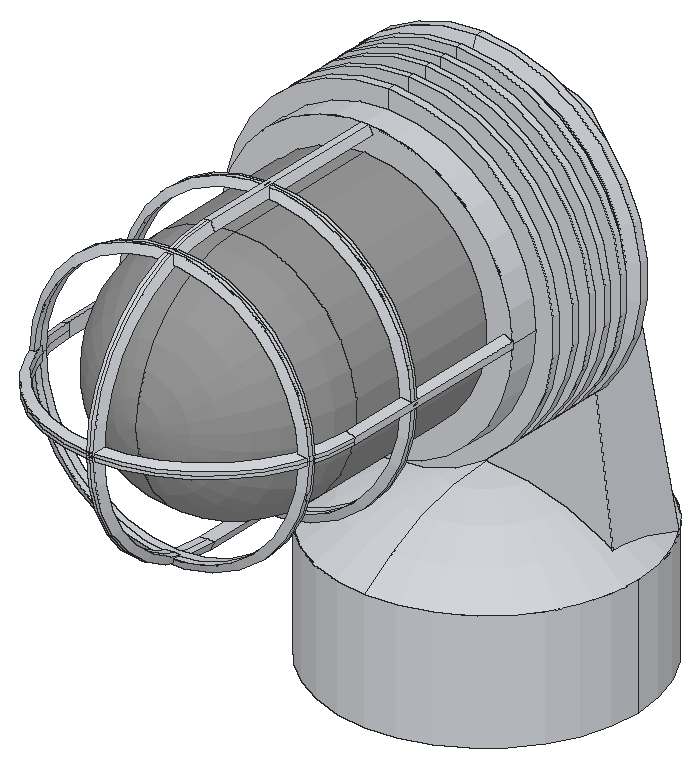
Revit family "Lighting Fixture Face-base", category Lighting Fixtures, host Face, Revit 2022
Family settings
  Host = Face
  Round Connector Dimension = Use Diameter
  Part Type = Normal
  Cut with Voids When Loaded = Yes
  Light Source = Yes
  Maintain Annotation Orientation = No
  Shared = No
  Room Calculation Point = No
Parameters (values of type "PVP-12W-5000K-W")
  Wattage Comments = "12W"
  Wattage = 5.65497 W
  built-in parameter 1150110 = 1 (stored number, unit not read)
  URL = "https://www.abovealllighting.com/Product/LED-OUTDOOR-FIXTURES/LED-Pot-Series-Vapor-Proof-Fixtures/LEDPotSeriesVaporProofFixtures.html"
  built-in parameter 1114217 = 1 (stored number, unit not read)
  Tilt Angle = 90.00°
  built-in parameter 1150109 = 1 (stored number, unit not read)
  built-in parameter 1150134 = 2
  built-in parameter 1150113 = 1 (stored number, unit not read)
  Power Factor = "0.9"
  Photometric Web File = "PVP12LED501-W.IES"
  Model = "PVP-12LED501-W"
  Manufacturer = "Above All Lighting"  # constant formula
  built-in parameter 1150105 = 160.19 (stored number, unit not read)
  Lumens = 840 lm
  built-in parameter 1150115 = 1 (stored number, unit not read)
  Load Classification = Lighting
  built-in parameter 1150137 = (empty or 0)
  built-in parameter 1150139 = (empty or 0)
  built-in parameter 1150112 = 1 (stored number, unit not read)
  built-in parameter 1150114 = 1 (stored number, unit not read)
  Lamp = "LED"
  Input Voltage = "120-277V"
  built-in parameter 1150132 = 2
  built-in parameter 1150102 = (empty or 0)
  built-in parameter 1150107 = 5000 (stored number, unit not read)
  built-in parameter 1150138 = (empty or 0)
  built-in parameter 1150106 = 1.6019 (stored number, unit not read)
  IP Rating = "65"
  built-in parameter 1150104 = 13.8 (stored number, unit not read)
  Dimming Lamp Color Temperature Shift = <None>
  Default Elevation = 0' - 0"
  Color Filter = 16777215
  CRI = "80"
  built-in parameter 1114218 = 1 (stored number, unit not read)
  built-in parameter 1150133 = 10 (stored number, unit not read)
Reference planes (in)
  plane 1 "Center (Front/Back)": y = 0
  plane 2: z = 0
  plane 3 "Center (Left/Right)": x = 0
  plane 4: z = 7.8
  plane 5: z = 3.2
  plane 6: z = 3.2
Forms (in)
  Extrusion 1, solid
    sketch origin (0, -2.23689, 0) x (-1, 0, 0) y (0, -1, 0)
      loop
        circle (0, 0) r 2.115
    from 0 to 1.65535
  Revolve 2, solid
    sketch origin (0, -2.23689, 0) x (0, -1, 0) y (0, 0, 1)
      loop
        line (0, 2.40535) -> (0, 1.65535) -> (2.115, 1.65535)
        arc (2.115, 1.65535) -> (1.12338, 2.21612) -> (0, 2.40535) r 3.29206
      axis (0, 2.40535) -> (0, 1.65535)
    angle from 0 to 360
  Extrusion 3, solid
    sketch origin (0, -2.23689, 0) x (-1, 0, 0) y (0, 0, 1)
      loop
        line (-1.78117, 1.65535) -> (0, 1.65535) -> (1.78117, 1.65535) -> (1.20866, 6.31808)
        arc (1.20866, 6.31808) -> (0.78258, 7.02846) -> (0, 7.3) r 1.21361
        arc (0, 7.3) -> (-0.78258, 7.02846) -> (-1.20866, 6.31808) r 1.21361
        line (-1.20866, 6.31808) -> (-1.78117, 1.65535)
    from 0 to 1.11878
  Extrusion 4, void
    sketch origin (0, -2.23689, 0) x (0, -1, 0) y (0, 0, 1)
      loop
        line (0, 7.3) -> (0, 7.46379) -> (-1.69013, 7.46379) -> (-1.69013, 1.65192) -> (-1.11878, 1.65192) -> (-0.61436, 6.86982)
        arc (-0.61436, 6.86982) -> (-0.39189, 7.20588) -> (0, 7.3) r 0.54994
    from -3.12338 to 2.81159
  Revolve 5, solid
    sketch origin (0, -2.23689, 0) x (0, -1, 0) y (0, 0, 1)
      loop
        line (1.75529, 5.5) -> (1.75529, 7.27622) -> (1.7114, 7.27622) -> (1.7114, 7.8) -> (1.5973, 7.8) -> (1.51434, 7.27622) -> (1.41834, 7.27622) -> (1.36328, 7.33128) -> (1.36328, 7.8) -> (1.2771, 7.8) -> (1.2771, 7.17698) -> (1.22103, 7.12091) -> (1.12184, 7.12091) -> (1.06282, 7.54084) -> (1.06282, 7.8) -> (0.98137, 7.8) -> (0.98137, 7.16835) -> (0.93393, 7.12091) -> (0.84952, 7.12091) -> (0.80608, 7.16435) -> (0.80608, 7.8) -> (0.70412, 7.8) -> (0.70412, 7.20285) -> (0.64674, 7.12091) -> (0.56611, 7.12091) -> (0.52576, 7.16127) -> (0.52576, 7.8) -> (0.42811, 7.8) -> (0.42811, 7.44313) -> (0.389, 7.19621) -> (0.29133, 7.19621) -> (0.24454, 7.64139) -> (0.17043, 7.8) -> (0.06337, 7.8) -> (0.06337, 7.27622) -> (0, 7.27622) -> (0, 5.5) -> (1.75529, 5.5)
      axis (1.75529, 5.5) -> (0, 5.5)
    angle from 0 to 360
  Extrusion 6, solid
    sketch origin (0, -2.23689, 0) x (-1, 0, 0) y (0, 0, 1)
      loop
        circle (0, 5.5) r 2.05
    from -2.115 to -1.7114
  Revolve 7, solid, material "Glass, White, High Luminance"
    sketch origin (0, -2.23689, 0) x (0, -1, 0) y (0, 0, 1)
      loop
        line (2.115, 7.18628) -> (2.115, 7.08472) -> (4.365, 7.08472)
        arc (4.365, 7.08472) -> (5.50692, 6.62407) -> (6.00957, 5.5) r 1.6457
        line (6.00957, 5.5) -> (6.1112, 5.5)
        arc (6.1112, 5.5) -> (5.57875, 6.6959) -> (4.365, 7.18628) r 1.74726
        line (4.365, 7.18628) -> (2.115, 7.18628)
      axis (6.1112, 5.5) -> (2.115, 5.5)
    angle from 0 to 360
  Sweep 8, solid
    path origin (5.5, -2.23689, 5.5) x (-1, 0, 0) y (0, -1, 0)
      loop
        line (7.55, 2.115) -> (7.55, 4.865)
        arc (7.55, 4.865) -> (6.94957, 6.31457) -> (5.5, 6.915) r 2.05
        arc (5.5, 6.915) -> (4.05043, 6.31457) -> (3.45, 4.865) r 2.05
        line (3.45, 4.865) -> (3.45, 2.115)
    profile origin (-2.05, -5.72689, 5.5) x (1, 0, 0) y (0, 0, 1)
      loop
        line (0, 0.04478) -> (0, 0) -> (0, -0.04478) -> (0.11005, -0.10085) -> (0.11005, 0) -> (0.11005, 0.10085) -> (0, 0.04478)
  Sweep 9, solid
    path origin (0, -2.23689, 11) x (0, -1, 0) y (0, 0, -1)
      loop
        line (2.115, 7.55) -> (4.865, 7.55)
        arc (4.865, 7.55) -> (6.31457, 6.94957) -> (6.915, 5.5) r 2.05
        arc (6.915, 5.5) -> (6.31457, 4.05043) -> (4.865, 3.45) r 2.05
        line (4.865, 3.45) -> (2.115, 3.45)
    profile origin (0, -5.72689, 3.45) x (0, 0, -1) y (1, 0, 0)
      loop
        line (0, -0.04478) -> (0, 0) -> (0, 0.04478) -> (-0.11005, 0.10085) -> (-0.11005, 0) -> (-0.11005, -0.10085) -> (0, -0.04478)
  Sweep 10, solid
    path origin (0, -4.47378, 0) x (-1, 0, 0) y (0, 0, 1)
      loop
        circle (0, 5.5) r 2.05
    profile origin (0, -4.47378, 7.55) x (0, 0, -1) y (0, 1, 0)
      loop
        line (0, -1.62713) -> (0.11005, -1.6832) -> (0.11005, -1.58235) -> (0.11005, -1.4815) -> (0, -1.53757) -> (0, -1.58235) -> (0, -1.62713)
  Sweep 11, solid
    path origin (0, -4.47378, 0) x (-1, 0, 0) y (0, 0, 1)
      loop
        circle (0, 5.5) r 1.95494
    profile origin (0, -4.47378, 7.45494) x (0, 0, -1) y (0, 1, 0)
      loop
        line (0, -3.2899) -> (0.11005, -3.34597) -> (0.11005, -3.24512) -> (0.11005, -3.14427) -> (0, -3.20034) -> (0, -3.24512) -> (0, -3.2899)
  Extrusion 12, solid, not visible
    sketch origin (0, 0, 0) x (1, 0, 0) y (0, 1, 0)
      loop
        circle (0, 0) r 2.115
    from 0 to 1.65535
  Revolve 13, solid, not visible
    sketch origin (0, 0, 0) x (0, 1, 0) y (0, 0, 1)
      loop
        line (0, 2.40535) -> (0, 1.65535) -> (2.115, 1.65535)
        arc (2.115, 1.65535) -> (1.12338, 2.21612) -> (0, 2.40535) r 3.29206
      axis (0, 2.40535) -> (0, 1.65535)
    angle from 0 to 360
  Extrusion 14, solid, not visible
    sketch origin (0, 0, 0) x (1, 0, 0) y (0, 0, 1)
      loop
        line (-1.78117, 1.65535) -> (0, 1.65535) -> (1.78117, 1.65535) -> (1.20866, 6.31808)
        arc (1.20866, 6.31808) -> (0.78258, 7.02846) -> (0, 7.3) r 1.21361
        arc (0, 7.3) -> (-0.78258, 7.02846) -> (-1.20866, 6.31808) r 1.21361
        line (-1.20866, 6.31808) -> (-1.78117, 1.65535)
    from 0 to 1.11878
  Extrusion 15, void, not visible
    sketch origin (0, 0, 0) x (0, 1, 0) y (0, 0, 1)
      loop
        line (0, 7.3) -> (0, 7.46379) -> (-1.69013, 7.46379) -> (-1.69013, 1.65192) -> (-1.11878, 1.65192) -> (-0.61436, 6.86982)
        arc (-0.61436, 6.86982) -> (-0.39189, 7.20588) -> (0, 7.3) r 0.54994
    from -3.12338 to 2.81159
  Revolve 16, solid, not visible
    sketch origin (0, 0, 0) x (0, 1, 0) y (0, 0, 1)
      loop
        line (1.75529, 5.5) -> (1.75529, 7.27622) -> (1.7114, 7.27622) -> (1.7114, 7.8) -> (1.5973, 7.8) -> (1.51434, 7.27622) -> (1.41834, 7.27622) -> (1.36328, 7.33128) -> (1.36328, 7.8) -> (1.2771, 7.8) -> (1.2771, 7.17698) -> (1.22103, 7.12091) -> (1.12184, 7.12091) -> (1.06282, 7.54084) -> (1.06282, 7.8) -> (0.98137, 7.8) -> (0.98137, 7.16835) -> (0.93393, 7.12091) -> (0.84952, 7.12091) -> (0.80608, 7.16435) -> (0.80608, 7.8) -> (0.70412, 7.8) -> (0.70412, 7.20285) -> (0.64674, 7.12091) -> (0.56611, 7.12091) -> (0.52576, 7.16127) -> (0.52576, 7.8) -> (0.42811, 7.8) -> (0.42811, 7.44313) -> (0.389, 7.19621) -> (0.29133, 7.19621) -> (0.24454, 7.64139) -> (0.17043, 7.8) -> (0.06337, 7.8) -> (0.06337, 7.27622) -> (0, 7.27622) -> (0, 5.5) -> (1.75529, 5.5)
      axis (1.75529, 5.5) -> (0, 5.5)
    angle from 0 to 360
  Extrusion 17, solid, not visible
    sketch origin (0, 0, 0) x (1, 0, 0) y (0, 0, 1)
      loop
        circle (0, 5.5) r 2.05
    from -2.115 to -1.7114
  Revolve 18, solid, material "Glass, White, High Luminance", not visible
    sketch origin (0, 0, 0) x (0, 1, 0) y (0, 0, 1)
      loop
        line (2.115, 7.18628) -> (2.115, 7.08472) -> (4.365, 7.08472)
        arc (4.365, 7.08472) -> (5.50692, 6.62407) -> (6.00957, 5.5) r 1.6457
        line (6.00957, 5.5) -> (6.1112, 5.5)
        arc (6.1112, 5.5) -> (5.57875, 6.6959) -> (4.365, 7.18628) r 1.74726
        line (4.365, 7.18628) -> (2.115, 7.18628)
      axis (6.1112, 5.5) -> (2.115, 5.5)
    angle from 0 to 360
  Sweep 19, solid, not visible
    path origin (-5.5, 0, 5.5) x (1, 0, 0) y (0, 1, 0)
      loop
        line (7.55, 2.115) -> (7.55, 4.865)
        arc (7.55, 4.865) -> (6.94957, 6.31457) -> (5.5, 6.915) r 2.05
        arc (5.5, 6.915) -> (4.05043, 6.31457) -> (3.45, 4.865) r 2.05
        line (3.45, 4.865) -> (3.45, 2.115)
    profile origin (2.05, 3.49, 5.5) x (-1, 0, 0) y (0, 0, 1)
      loop
        line (0, 0.04478) -> (0, 0) -> (0, -0.04478) -> (0.11005, -0.10085) -> (0.11005, 0) -> (0.11005, 0.10085) -> (0, 0.04478)
  Sweep 20, solid, not visible
    path origin (0, 0, 11) x (0, 1, 0) y (0, 0, -1)
      loop
        line (2.115, 7.55) -> (4.865, 7.55)
        arc (4.865, 7.55) -> (6.31457, 6.94957) -> (6.915, 5.5) r 2.05
        arc (6.915, 5.5) -> (6.31457, 4.05043) -> (4.865, 3.45) r 2.05
        line (4.865, 3.45) -> (2.115, 3.45)
    profile origin (0, 3.49, 3.45) x (0, 0, -1) y (-1, 0, 0)
      loop
        line (0, -0.04478) -> (0, 0) -> (0, 0.04478) -> (-0.11005, 0.10085) -> (-0.11005, 0) -> (-0.11005, -0.10085) -> (0, -0.04478)
  Sweep 21, solid, not visible
    path origin (0, 0, 0) x (1, 0, 0) y (0, 0, 1)
      loop
        circle (0, 5.5) r 2.05
    profile origin (0, 0, 7.55) x (0, 0, -1) y (0, -1, 0)
      loop
        line (0, -3.86402) -> (0.11005, -3.92009) -> (0.11005, -3.81924) -> (0.11005, -3.71839) -> (0, -3.77446) -> (0, -3.81924) -> (0, -3.86402)
  Sweep 22, solid, not visible
    path origin (0, 0, 0) x (1, 0, 0) y (0, 0, 1)
      loop
        circle (0, 5.5) r 1.95494
    profile origin (0, 0, 7.45494) x (0, 0, -1) y (0, -1, 0)
      loop
        line (0, -5.52678) -> (0.11005, -5.58285) -> (0.11005, -5.482) -> (0.11005, -5.38115) -> (0, -5.43722) -> (0, -5.482) -> (0, -5.52678)
Cuts and joins
  Extrusion 4 cuts Extrusion 3
Lines and regions (in)
  reference lines
    curve 1: line (0, -7.71889, 7.45494) -> (0, -7.71889, 3.54506)
  reference lines, not visible
    curve 2: line (0, 5.482, 7.45494) -> (0, 5.482, 3.54506)
Dimensions and locks (in)
  host face to plane 4 = 0' - 7.8"
  plane 5 to plane 4 = 0' - 4.6"
  aligned and locked: plane 2 to host face
  aligned and locked: level to host face
